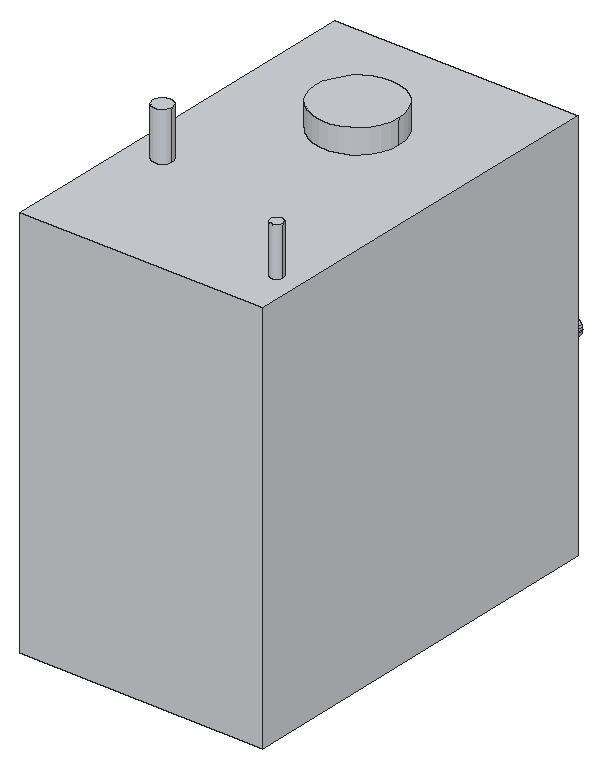
Revit family "M_Caldeira a gás - Ferro fundido - Modular", category Equipamento mecânico, Revit 2019
Family settings
  Cota do conector redondo = Usar raio
  Tipo de parte = Normal
  Número OmniClass = 23.75.10.11.14.11
  Título OmniClass = Cast-Iron Boilers
  ID de item do Seek = Gas Fired Boiler - Cast Iron - Modular-0000-CAN-ENU
  Com base no plano de trabalho = Não
  Sempre na vertical = Sim
  Corte com vazios quando carregada = Não
  Compartilhado = Não
  Ponto de cálculo do ambiente = Não
Parameters (values of type "62 kW")
  Fluxo da água [instance] = 1.32 L/s
  Voltagem = 120 V
  Raio da ventilação = 87.5 mm
  Diâmetro da ventilação = Raio da ventilação * 2  # 175 mm
  Queda de pressão da água [instance] = 9000.0 Pa
  Calor de saída [instance] = 62000 W
  Número de pólos = 1
  Comprimento 1 = 254 mm
  Calor de entrada [instance] = 74000 W
  Raio da água quente = Raio da água gelada  # 20 mm
  Diâmetro da água quente = Raio da água quente * 2  # 40 mm
  Raio do gás = Diâmetro do gás / 2  # 12.5 mm
  Fluxo de gás [instance] = 0.04 L/s
  Diâmetro do gás = 25 mm
  Fluxo do ar de exaustão [instance] = 0.0 L/s
  Raio da água gelada = 20 mm
  Diâmetro da água gelada = Raio da água gelada * 2  # 40 mm
  Material do boiler = none
  Comprimento da caldeira = 508 mm
  Carga aparente = 50 VA
Types (7, lengths in mm): name | Fluxo da água | Raio da ventilação | Diâmetro da ventilação | Calor de saída | Comprimento 1 | Calor de entrada | Raio da água quente | Diâmetro da água quente | Fluxo de gás | Raio da água gelada | Diâmetro da água gelada | Comprimento da caldeira
  (no name) | 1.32 L/s | 87.5 | 175 | 62000 W | 254 | 74000 W | 20 | 40 | 0.04 L/s | 20 | 40 | 508
  62 kW | 1.32 L/s | 87.5 | 175 | 62000 W | 254 | 74000 W | 20 | 40 | 0.04 L/s | 20 | 40 | 508
  77 kW | 1.64 L/s | 100 | 200 | 77000 W | 302 | 92000 W | 20 | 40 | 0.04 L/s | 20 | 40 | 603
  91 kW | 1.96 L/s | 112.5 | 225 | 91000 W | 349 | 110000 W | 25 | 50 | 0.05 L/s | 25 | 50 | 699
  106 kW | 2.27 L/s | 112.5 | 225 | 106000 W | 397 | 127000 W | 25 | 50 | 0.06 L/s | 25 | 50 | 794
  120 kW | 2.52 L/s | 125 | 250 | 120000 W | 445 | 144000 W | 25 | 50 | 0.07 L/s | 25 | 50 | 889
  145 kW | 2.84 L/s | 125 | 250 | 145000 W | 492 | 161000 W | 25 | 50 | 0.08 L/s | 25 | 50 | 984
Reference planes
  plane 1 "Centro (Frente/Trás)": y = 0
  plane 2: z = 0
  plane 3 "Centro (Esquerda/Direita)": x = 0
  plane 4: y = 823.912
  plane 5: x = 508
  plane 6: y = 100.012
  plane 7: x = 457.2
  plane 8: y = 288.925
  plane 9: x = 66.675
  plane 10: y = 565.15
  plane 11: x = 254
  plane 12: y = 874.712
  plane 13: x = 50.8
  plane 14: z = 825.5
  plane 15: z = 927.1
  plane 16: z = 876.3
  plane 17: z = 177.8
  plane 18: z = 390.525
  plane 19: z = 76.2
  plane 20: x = 76.2
Forms (mm)
  Extrusion 1, solid, material <- "Material do boiler"
    sketch origin (0, 0, 0) x (1, 0, 0) y (0, 1, 0)
      loop
        line (0, 0) -> (508, 0) -> (508, 823.912) -> (0, 823.912) -> (0, 0)
    from 0 to 825.5
  Extrusion 2, solid, material <- "Material do boiler"
    sketch origin (0, 0, 0) x (1, 0, 0) y (0, 1, 0)
      loop
        circle (457.2, 100.012) r 12.5
    from 825.5 to 927.1
  Extrusion 3, solid, material <- "Material do boiler"
    sketch origin (0, 0, 0) x (1, 0, 0) y (0, 1, 0)
      loop
        circle (66.675, 288.925) r 20
    from 825.5 to 927.1
  Extrusion 4, solid, material <- "Material do boiler"
    sketch origin (0, 0, 0) x (1, 0, 0) y (0, 1, 0)
      loop
        circle (254, 565.15) r 87.5
    from 825.5 to 876.3
  Extrusion 5, solid, material <- "Material do boiler"
    sketch origin (0, 0, 0) x (1, 0, 0) y (0, 0, 1)
      loop
        circle (50.8, 177.8) r 9.525
    from -874.712 to -823.912
  Extrusion 6, solid, material <- "Material do boiler"
    sketch origin (0, 0, 0) x (1, 0, 0) y (0, 0, 1)
      loop
        circle (457.2, 390.525) r 20
    from -874.713 to -823.913
  Extrusion 7, solid, material <- "Material do boiler", detail levels fine
    sketch origin (0, 0, 0) x (1, 0, 0) y (0, 0, 1)
      loop
        circle (457.2, 390.525) r 20
      loop
        circle (50.8, 177.8) r 9.525
    from -874.713 to -823.913
Cuts and joins
  joined: Extrusion 1, Extrusion 2, Extrusion 3, Extrusion 4
  joined: Extrusion 5, Extrusion 6
Lines and regions (mm)
  model lines, detail levels coarse+medium
    curve 1: line (254, 565.15, 825.5) -> (254, 565.15, 876.3)
    curve 2: line (66.675, 288.925, 927.1) -> (66.675, 288.925, 825.5)
    curve 3: line (457.2, 100.012, 825.5) -> (457.2, 100.012, 927.1)
    curve 4: line (50.8, 874.712, 177.8) -> (50.8, 823.912, 177.8)
    curve 5: line (457.2, 874.712, 390.525) -> (457.2, 823.912, 390.525)
  symbolic lines, detail levels fine
    curve 6: line (41.275, 823.912, 390.525) -> (41.275, 874.712, 390.525)
    curve 7: line (60.325, 874.712, 390.525) -> (60.325, 823.912, 390.525)
    curve 8: line (41.275, 874.712, 390.525) -> (60.325, 874.712, 390.525)
    curve 9: line (438.15, 874.712, 390.525) -> (438.15, 823.912, 390.525)
    curve 10: line (476.25, 874.712, 390.525) -> (476.25, 823.912, 390.525)
    curve 11: line (438.15, 874.712, 390.525) -> (476.25, 874.712, 390.525)
Dimensions and locks
  locked: plane 1 "Centro (Frente/Trás)" to plane 4 at 823.912
  "Comprimento da caldeira": plane 3 "Centro (Esquerda/Direita)" to plane 5
  locked: plane 7 to plane 5 at 50.8
  locked: plane 6 to plane 1 "Centro (Frente/Trás)" at 100.012
  locked: plane 3 "Centro (Esquerda/Direita)" to plane 9 at 66.675
  locked: plane 1 "Centro (Frente/Trás)" to plane 8 at 288.925
  "Comprimento 1": plane 11 to plane 5
  plane 1 "Centro (Frente/Trás)" to plane 10 = 565.15 mm
  locked: plane 12 to plane 4 at 50.8
  locked: plane 3 "Centro (Esquerda/Direita)" to plane 13 at 50.8
  locked: plane 14 to plane 2 at 825.5
  locked: plane 15 to plane 14 at 101.6
  locked: plane 16 to plane 14 at 50.8
  locked: plane 17 to plane 2 at 177.8
  locked: plane 18 to plane 2 at 390.525
  locked: plane 20 to plane 3 "Centro (Esquerda/Direita)" at 76.2
  locked: plane 19 to plane 2 at 76.2
  locked: plane 3 "Centro (Esquerda/Direita)" to connector elem at 76.2
  locked: plane 2 to connector elem at 76.2
  "Raio do gás": radius of Extrusion 2 sketch curve
  "Raio da água gelada": radius of Extrusion 3 sketch curve
  "Raio da ventilação": radius of Extrusion 4 sketch curve
  radius of Extrusion 5 sketch curve = 9.525 mm
  "Raio da água quente": radius of Extrusion 6 sketch curve
  "Raio da água quente": radius of Extrusion 7 sketch curve
  aligned and locked: level to plane 2
  aligned and locked: plane 3 "Centro (Esquerda/Direita)" to Extrusion 1 sketch curve
  aligned and locked: plane 1 "Centro (Frente/Trás)" to Extrusion 1 sketch curve
  aligned and locked: plane 4 to Extrusion 1 sketch curve
  aligned and locked: plane 5 to Extrusion 1 sketch curve
  aligned and locked: plane 14 to Extrusion 1
  aligned and locked: plane 6 to Extrusion 2 sketch curve
  aligned and locked: plane 7 to Extrusion 2 sketch curve
  aligned and locked: plane 8 to Extrusion 3 sketch curve
  aligned and locked: plane 9 to Extrusion 3 sketch curve
  aligned and locked: plane 15 to Extrusion 3
  aligned and locked: Extrusion 3 to plane 14
  aligned and locked: plane 15 to Extrusion 2
  aligned and locked: Extrusion 2 to plane 14
  aligned and locked: plane 10 to Extrusion 4 sketch curve
  aligned and locked: plane 11 to Extrusion 4 sketch curve
  aligned and locked: plane 16 to Extrusion 4
  aligned and locked: Extrusion 4 to plane 14
  aligned and locked: plane 17 to Extrusion 5 sketch curve
  aligned and locked: plane 13 to Extrusion 5 sketch curve
  aligned and locked: plane 18 to Extrusion 6 sketch curve
  aligned and locked: plane 7 to Extrusion 6 sketch curve
  aligned and locked: plane 12 to Extrusion 5
  aligned and locked: Extrusion 5 to plane 4
  aligned and locked: plane 12 to Extrusion 6
  aligned and locked: Extrusion 6 to plane 4
  aligned and locked: curve 1 to plane 10
  aligned and locked: plane 16 to curve 1
  aligned and locked: plane 14 to curve 1
  aligned and locked: plane 15 to curve 2
  aligned and locked: plane 14 to curve 2
  aligned and locked: curve 3 to plane 6
  aligned and locked: plane 15 to curve 3
  aligned and locked: plane 14 to curve 3
  aligned and locked: curve 4 to plane 13
  aligned and locked: plane 12 to curve 4
  aligned and locked: plane 4 to curve 4
  aligned and locked: curve 5 to plane 7
  aligned and locked: plane 4 to curve 5
  aligned and locked: curve 6 to cut or joined group of Extrusion 5, Extrusion 6  (x2)
  aligned and locked: cut or joined group of Extrusion 5, Extrusion 6 to curve 7  (x2)
  aligned and locked: curve 9 to cut or joined group of Extrusion 5, Extrusion 6
  aligned and locked: cut or joined group of Extrusion 5, Extrusion 6 to curve 9
  aligned and locked: curve 10 to cut or joined group of Extrusion 5, Extrusion 6
  aligned and locked: cut or joined group of Extrusion 5, Extrusion 6 to curve 10
  aligned and locked: plane 7 to Extrusion 7 sketch curve
  aligned and locked: plane 18 to Extrusion 7 sketch curve
  aligned and locked: plane 13 to Extrusion 7 sketch curve
  aligned and locked: plane 17 to Extrusion 7 sketch curve
  aligned and locked: plane 12 to Extrusion 7
  aligned and locked: Extrusion 7 to plane 4
Automatic sketch dimensions
  curve 2 to plane 9 = 0 mm
  plane 7 to curve 10 = 19.05 mm
  curve 5 to curve 11 = 19.05 mm
  curve 7 to plane 9 = 6.35 mm
  curve 8 to plane 13 = 9.525 mm
  radius of Extrusion 7 sketch curve = 9.525 mm
Connectors
  piping at (457.2, 874.712, 390.525), diameter 40, driven by "Raio da água quente", driven by "Fluxo da água", driven by "Queda de pressão da água"
    settings: on Extrusion 6, index 1, connector inside diameter 40 mm, connector length 0 mm, flow factor 0, pipe flow 1.32 L/s, pressure drop 9000.0 Pa, fitting loss kfactor 0, connector angle 0.00°, fixture units 0, engagement length 0 mm, angle of deflection 0.00°, flow configuration 0, flow direction 2, fitting loss method 4, system type 7, joint type 0, gender type 0, connector reference index -1, connector utility 0, adjustable connector no, is connector primary yes, connector description "Saída de água quente"
  piping at (66.675, 288.925, 927.1), diameter 40, driven by "Raio da água gelada", driven by "Fluxo da água"
    settings: on Extrusion 3, index 2, connector inside diameter 40 mm, connector length 0 mm, flow factor 0, pipe flow 1.32 L/s, pressure drop 0.0 Pa, fitting loss kfactor 0, connector angle 0.00°, fixture units 0, engagement length 0 mm, angle of deflection 0.00°, flow configuration 0, flow direction 1, fitting loss method 0, system type 8, joint type 0, gender type 0, connector reference index -1, connector utility 0, adjustable connector no, is connector primary no, connector description "Entrada de água gelada"
  piping at (457.2, 100.012, 927.1), diameter 25, driven by "Raio do gás", driven by "Fluxo de gás"
    settings: on Extrusion 2, index 3, connector inside diameter 25 mm, connector length 0 mm, flow factor 0, pipe flow 0.04 L/s, pressure drop 0.0 Pa, fitting loss kfactor 0, connector angle 0.00°, fixture units 0, engagement length 0 mm, angle of deflection 0.00°, flow configuration 1, flow direction 1, fitting loss method 0, system type 22, joint type 0, gender type 0, connector reference index -1, connector utility 0, adjustable connector no, is connector primary no, connector description "Entrada de gás"
  hvac at (254, 565.15, 876.3), driven by "Raio da ventilação", driven by "Fluxo do ar de exaustão"
    settings: on Extrusion 4, index 4, duct flow 0.0 L/s, flow factor 0, pres drop 0.0 Pa, loss coef 0, conn angle 0.00°, conn width 304.8 mm, conn height 304.8 mm, conn diameter 175 mm, duct sys type 3, conn prof type 0, flow config 1, flow direction 2, loss method 0, conn ref index -1, conn util no, is conn primary yes, conn desc ""
  piping at (50.8, 874.712, 177.8), diameter 20
    settings: on Extrusion 5, index 5, connector inside diameter 20 mm, connector length 0 mm, flow factor 0, pipe flow 0.0 L/s, pressure drop 0.0 Pa, fitting loss kfactor 0, connector angle 0.00°, fixture units 0, engagement length 0 mm, angle of deflection 0.00°, flow configuration 1, flow direction 2, fitting loss method 0, system type 16, joint type 0, gender type 0, connector reference index -1, connector utility 0, adjustable connector yes, is connector primary no, connector description "Saída da drenagem"
  electrical at (76.2, 0, 76.2)
    settings: index 6, voltage 0 V, apparent load 0 VA, apparent load phase1 0 VA, apparent load phase2 0 VA, apparent load phase3 0 VA, power factor 1, load classification "Outros", number of poles 1, system type 13, power factor state 1, is connector primary yes, connector utility no, sub classification motor no, connector description ""
